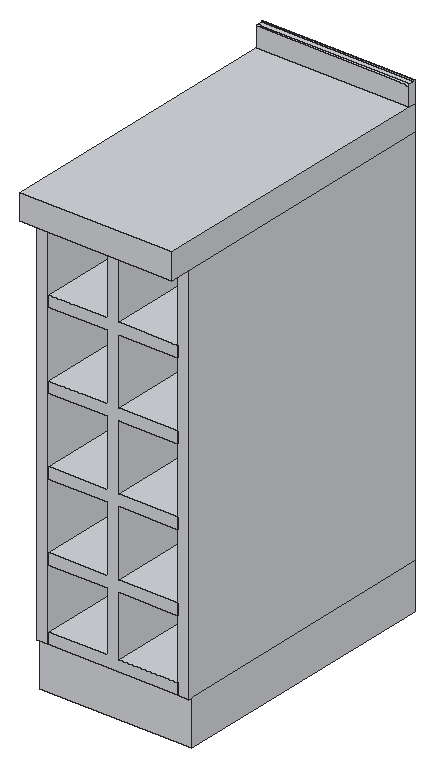
Revit family "Wine Rack", category 케이스워크, Revit 2026
Family settings
  작업 기준면 기반 = 아니오
  항상 수직 = 예
  로드될 때 보이드를 사용하여 절단 = 아니오
  공유 = 아니오
  룸 계산 점 = 아니오
Parameters (values of type "600 x 300 x 900mm")
  기본 높이 = 0 mm
  Top Material = none
  Material = none
  Handle Material = none
  깊이 = 600 mm
  높이 = 900 mm
  폭 = 300 mm
  Assembly Code = ""
Reference planes
  plane 1 "Back": y = 0
  plane 2: z = 0
  plane 3 "Center (Left/Right)": x = 44.7
  plane 4 "Front": y = -600
  plane 5 "Left": x = -105.3
  plane 6 "Right": x = 194.7
  plane 7 "Top": z = 900
  plane 8: z = 90
  plane 9: z = 850
  plane 10: z = 698
  plane 11: z = 242
  plane 12: z = 394
  plane 13: z = 546
Forms (mm)
  Extrusion 1, solid
    sketch origin (0, 0, 0) x (1, 0, 0) y (0, 1, 0)
      loop
        line (-105.3, 0) -> (-105.3, -558) -> (-83.3, -558) -> (-83.3, -22) -> (172.7, -22) -> (172.7, -558) -> (194.7, -558) -> (194.7, 0) -> (-105.3, 0)
    from 90 to 850
  Extrusion 2, solid, material <- "Top Material"
    sketch origin (0, 0, 900) x (0, -1, 0) y (-1, 0, 0)
      loop
        line (0, 105.3) -> (0, -194.7) -> (600, -194.7) -> (600, 105.3) -> (0, 105.3)
    from 0 to 50
  Extrusion 3, solid, material <- "Material"
    sketch origin (0, 0, 900) x (0, -1, 0) y (-1, 0, 0)
      loop
        line (0.534, 105.3) -> (0.534, -194.7) -> (550.534, -194.7) -> (550.534, 105.3) -> (0.534, 105.3)
    from 810 to 900
  Sweep 4, solid, material <- "Top Material"
    path origin (0, 0, 900) x (0, -1, 0) y (1, 0, 0)
      loop
        line (0, 194.7) -> (0, -105.3)
    profile origin (44.7, 0, 0) x (0, -1, 0) y (0, 0, 1)
      loop
        line (0, 900) -> (15, 900) -> (15, 938)
        arc (15, 938) -> (14.414, 939.414) -> (13, 940) r 2
        line (13, 940) -> (1.504, 940) -> (1.504, 942.003) -> (0, 942.003) -> (0, 900)
  Extrusion 5, solid, material <- "Material"
    sketch origin (0, -600, 0) x (1, 0, 0) y (0, 0, 1)
      loop
        line (172.7, 90) -> (172.7, 112) -> (55.7, 112) -> (55.7, 231) -> (172.7, 231) -> (172.7, 253) -> (55.7, 253) -> (55.7, 383) -> (172.7, 383) -> (172.7, 405) -> (55.7, 405) -> (55.7, 535) -> (172.7, 535) -> (172.7, 557) -> (55.7, 557) -> (55.7, 687) -> (172.7, 687) -> (172.7, 709) -> (55.7, 709) -> (55.7, 850) -> (33.7, 850) -> (33.7, 709) -> (-83.3, 709) -> (-83.3, 687) -> (33.7, 687) -> (33.7, 557) -> (-83.3, 557) -> (-83.3, 535) -> (33.7, 535) -> (33.7, 405) -> (-83.3, 405) -> (-83.3, 383) -> (33.7, 383) -> (33.7, 253) -> (-83.3, 253) -> (-83.3, 231) -> (33.7, 231) -> (33.7, 112) -> (-83.3, 112) -> (-83.3, 90) -> (172.7, 90)
    from -578 to -42
Dimensions and locks
  "폭": plane 6 "Right" to plane 5 "Left"
  equal spacing: plane 6 "Right", plane 3 "Center (Left/Right)", plane 5 "Left"
  "깊이": plane 4 "Front" to plane 1 "Back"
  "높이": level to plane 7 "Top"
  locked: Extrusion 1 sketch curve to Extrusion 1 sketch curve at 22  (x3)
  locked: plane 8 to level at 90
  locked: plane 7 "Top" to plane 9 at 50
  plane 5 "Left" to plane 6 "Right" = 300 mm
  equal spacing: plane 9, plane 10, plane 13, plane 12, plane 11, plane 8
  aligned and locked: Extrusion 1 sketch curve to plane 6 "Right"
  aligned and locked: plane 1 "Back" to Extrusion 1 sketch curve
  aligned and locked: plane 5 "Left" to Extrusion 1 sketch curve
  aligned and locked: Extrusion 1 to plane 9
  aligned and locked: plane 8 to Extrusion 1
  aligned and locked: Extrusion 3 to Extrusion 1
  aligned and locked: Extrusion 3 to Extrusion 5 sketch curve
  aligned and locked: Extrusion 1 to Extrusion 5
  aligned: Extrusion 5 sketch curve to Extrusion 5 sketch curve
Automatic sketch dimensions
  Extrusion 2 sketch curve to plane 1 "Back" = 0 mm
  Extrusion 2 sketch curve to plane 4 "Front" = 0 mm
  Extrusion 2 sketch curve to plane 5 "Left" = 0 mm
  Extrusion 2 sketch curve to plane 6 "Right" = 0 mm
  plane 1 "Back" to Extrusion 3 sketch curve = 0.534 mm
  Extrusion 3 sketch curve to plane 5 "Left" = 0 mm
  Extrusion 3 sketch curve to plane 6 "Right" = 0 mm
  Extrusion 3 sketch curve to plane 4 "Front" = 49.466 mm
  Sweep 4 sketch curve to plane 1 "Back" = 0 mm
  Sweep 4 sketch curve to plane 5 "Left" = 0 mm
  Sweep 4 sketch curve to plane 6 "Right" = 0 mm
  Sweep 4 sketch curve to profile plane = 0 mm  (x2)
  Sweep 4 sketch curve to profile plane = 1.504 mm
  Sweep 4 sketch curve to Sweep 4 sketch curve = 11.496 mm
  Sweep 4 sketch curve to profile plane = 15 mm
  profile plane to Sweep 4 sketch curve = 38 mm
  Sweep 4 sketch curve to Sweep 4 sketch curve = 2.003 mm
  Extrusion 1 sketch curve to plane 4 "Front" = 42 mm  (x2)
  Extrusion 5 sketch curve to plane 9 = 0 mm
  plane 5 "Left" to Extrusion 5 sketch curve = 22 mm  (x5)
  Extrusion 5 sketch curve to plane 3 "Center (Left/Right)" = 11 mm  (x5)
  plane 3 "Center (Left/Right)" to Extrusion 5 sketch curve = 11 mm  (x5)
  Extrusion 5 sketch curve to plane 6 "Right" = 22 mm  (x5)
  Extrusion 5 sketch curve to Extrusion 5 sketch curve = 22 mm
  Extrusion 5 sketch curve to Extrusion 5 sketch curve = 0 mm
  plane 11 to Extrusion 5 sketch curve = 11 mm  (x2)
  Extrusion 5 sketch curve to plane 11 = 11 mm  (x2)
  plane 12 to Extrusion 5 sketch curve = 11 mm  (x2)
  Extrusion 5 sketch curve to plane 12 = 11 mm  (x2)
  plane 13 to Extrusion 5 sketch curve = 11 mm  (x2)
  Extrusion 5 sketch curve to plane 13 = 11 mm  (x2)
  plane 10 to Extrusion 5 sketch curve = 11 mm  (x2)
  Extrusion 5 sketch curve to plane 10 = 11 mm  (x2)
